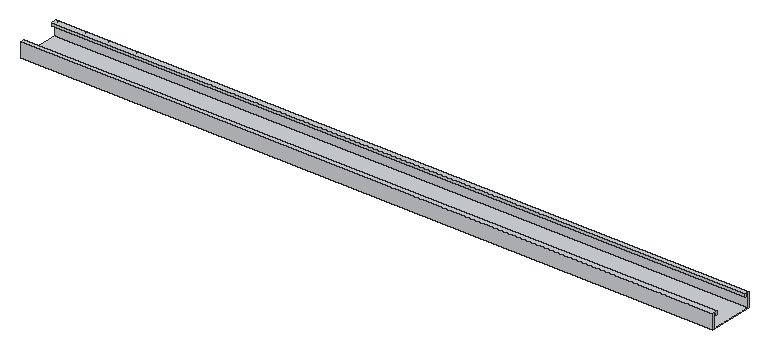
Revit family "TSN StiffWall Column", category Structural Framing, Revit 2026
Family settings
  Section Shape = Not Defined
  Material for Model Behavior = Other
  Always export as geometry = No
  Classification Number = 23.25.30.11.14.14
  Always vertical = Yes
  Cut with Voids When Loaded = No
  Symbolic Representation = From Family
  Shared = No
  Show family pre-cut in plan views = Yes
Parameters (values of type "800C/STW250-118mil, 50 ksi")
  d2 = 0' - 0 1/2"
  Version = "2.0"
  URL = "http://www.steelnetwork.com/product.aspx/StiffWall"
  T = 0' - 0.124"
  Stud_D = 1' - 0"
  Section_DB = 10
  Manufacturer = "The Steel Network, Inc."
  Length [instance] = 10' - 0"
  D = 0' - 7.67"
  d1 = 0' - 0.768"
  B = 0' - 2 1/2"
Types (34): name | T | D | d1 | B
  (no name) | 0' - 0 9/128" | 1' - 4" | 0' - 0 81/128" | 0' - 3"
  350C/STW200-33mil, 50 ksi | 0' - 0.0346" | 0' - 3.17" | 0' - 0.5892" | 0' - 2"
  350C/STW200-43mil, 50 ksi | 0' - 0.0451" | 0' - 3.17" | 0' - 0.6102" | 0' - 2"
  350C/STW200-54mil, 50 ksi | 0' - 0.0566" | 0' - 3.17" | 0' - 0.6332" | 0' - 2"
  350C/STW200-68mil, 50 ksi | 0' - 0.0713" | 0' - 3.17" | 0' - 0.6626" | 0' - 2"
  350C/STW200-97mil, 50 ksi | 0' - 0.1017" | 0' - 3.17" | 0' - 0.7234" | 0' - 2"
  350C/STW200-118mil, 50 ksi | 0' - 0.124" | 0' - 3.17" | 0' - 0.768" | 0' - 2"
  362C/STW200-33mil, 50 ksi | 0' - 0.0346" | 0' - 3.295" | 0' - 0.5892" | 0' - 2"
  362C/STW200-43mil, 50 ksi | 0' - 0.0451" | 0' - 3.295" | 0' - 0.6102" | 0' - 2"
  362C/STW200-54mil, 50 ksi | 0' - 0.0566" | 0' - 3.295" | 0' - 0.6332" | 0' - 2"
  362C/STW200-68mil, 50 ksi | 0' - 0.0713" | 0' - 3.295" | 0' - 0.6626" | 0' - 2"
  362C/STW200-97mil, 50 ksi | 0' - 0.1017" | 0' - 3.295" | 0' - 0.7234" | 0' - 2"
  362C/STW200-118mil, 50 ksi | 0' - 0.124" | 0' - 3.295" | 0' - 0.768" | 0' - 2"
  400C/STW200-33mil, 50 ksi | 0' - 0.0346" | 0' - 3.67" | 0' - 0.5892" | 0' - 2"
  400C/STW200-43mil, 50 ksi | 0' - 0.0451" | 0' - 3.67" | 0' - 0.6102" | 0' - 2"
  400C/STW200-54mil, 50 ksi | 0' - 0.0566" | 0' - 3.67" | 0' - 0.6332" | 0' - 2"
  400C/STW200-68mil, 50 ksi | 0' - 0.0713" | 0' - 3.67" | 0' - 0.6626" | 0' - 2"
  400C/STW200-97mil, 50 ksi | 0' - 0.1017" | 0' - 3.67" | 0' - 0.7234" | 0' - 2"
  400C/STW200-118mil, 50 ksi | 0' - 0.124" | 0' - 3.67" | 0' - 0.768" | 0' - 2"
  550C/STW250-43mil, 50 ksi | 0' - 0.0451" | 0' - 5.17" | 0' - 0.6102" | 0' - 2 1/2"
  550C/STW250-54mil, 50 ksi | 0' - 0.0566" | 0' - 5.17" | 0' - 0.6332" | 0' - 2 1/2"
  550C/STW250-68mil, 50 ksi | 0' - 0.0713" | 0' - 5.17" | 0' - 0.6626" | 0' - 2 1/2"
  550C/STW250-97mil, 50 ksi | 0' - 0.1017" | 0' - 5.17" | 0' - 0.7234" | 0' - 2 1/2"
  550C/STW250-118mil, 50 ksi | 0' - 0.124" | 0' - 5.17" | 0' - 0.768" | 0' - 2 1/2"
  600C/STW250-43mil, 50 ksi | 0' - 0.0451" | 0' - 5.67" | 0' - 0.6102" | 0' - 2 1/2"
  600C/STW250-54mil, 50 ksi | 0' - 0.0566" | 0' - 5.67" | 0' - 0.6332" | 0' - 2 1/2"
  600C/STW250-68mil, 50 ksi | 0' - 0.0713" | 0' - 5.67" | 0' - 0.6626" | 0' - 2 1/2"
  600C/STW250-97mil, 50 ksi | 0' - 0.1017" | 0' - 5.67" | 0' - 0.7234" | 0' - 2 1/2"
  600C/STW250-118mil, 50 ksi | 0' - 0.124" | 0' - 5.67" | 0' - 0.768" | 0' - 2 1/2"
  800C/STW250-43mil, 50 ksi | 0' - 0.0451" | 0' - 7.67" | 0' - 0.6102" | 0' - 2 1/2"
  800C/STW250-54mil, 50 ksi | 0' - 0.0566" | 0' - 7.67" | 0' - 0.6332" | 0' - 2 1/2"
  800C/STW250-68mil, 50 ksi | 0' - 0.0713" | 0' - 7.67" | 0' - 0.6626" | 0' - 2 1/2"
  800C/STW250-97mil, 50 ksi | 0' - 0.1017" | 0' - 7.67" | 0' - 0.7234" | 0' - 2 1/2"
  800C/STW250-118mil, 50 ksi | 0' - 0.124" | 0' - 7.67" | 0' - 0.768" | 0' - 2 1/2"
Reference planes (in)
  plane 1 "Center (Front/Back)": y = 0
  plane 2 "Center El.": z = 0
  plane 3 "Center (Left/Right)": x = 0
  plane 4 "Left": x = -60
  plane 5 "Right": x = 60
  plane 6: z = 0
  plane 7: z = 2.5
  plane 8: y = -3.835
  plane 9: y = 3.835
  plane 10: y = -3.067
  plane 11: y = 3.067
Forms (in)
  Extrusion 1, solid
    sketch origin (60, 0, 0) x (0, -1, 0) y (0, 0, 1)
      loop
        line (3.835, 2.5) -> (3.067, 2.5) -> (3.067, 2) -> (3.191, 2) -> (3.191, 2.376) -> (3.711, 2.376) -> (3.711, 0.124) -> (-3.711, 0.124) -> (-3.711, 2.376) -> (-3.191, 2.376) -> (-3.191, 2) -> (-3.067, 2) -> (-3.067, 2.5) -> (-3.835, 2.5) -> (-3.835, 0) -> (3.835, 0) -> (3.835, 2.5)
    from 0 to 120
Lines and regions (in)
  model lines, style "Stick Symbols", detail levels coarse
    curve 1: line (-60, 0, 0) -> (60, 0, 0)
Dimensions and locks (in)
  equal spacing: plane 4 "Left", plane 3 "Center (Left/Right)", plane 5 "Right"
  "Length": plane 4 "Left" to plane 5 "Right"
  equal spacing: plane 8, plane 1 "Center (Front/Back)", plane 9
  "D": plane 8 to plane 9
  "B": plane 7 to plane 6
  "T": Extrusion 1 to plane 6
  "T": plane 8 to Extrusion 1
  "T": Extrusion 1 to plane 9
  "d1": plane 8 to plane 10
  "d1": plane 11 to plane 9
  "T": Extrusion 1 to Extrusion 1  (x4)
  "d2": Extrusion 1 to Extrusion 1  (x2)
  aligned and locked: plane 1 "Center (Front/Back)" to curve 1
  aligned and locked: Extrusion 1 to plane 6
  aligned and locked: plane 9 to Extrusion 1
  aligned and locked: Extrusion 1 to plane 8
  aligned and locked: Extrusion 1 to plane 5 "Right"
  aligned and locked: plane 4 "Left" to Extrusion 1
  aligned: plane 10 to Extrusion 1
  aligned: plane 11 to Extrusion 1
  aligned and locked: plane 10 to Extrusion 1
  aligned and locked: plane 11 to Extrusion 1
Automatic sketch dimensions
  curve 1 to plane 4 "Left" = 0' - 0"
  curve 1 to plane 5 "Right" = 0' - 0"
  Extrusion 1 sketch curve to plane 7 = 0' - 0"  (x2)
  Extrusion 1 sketch curve to plane 9 = 0' - 0"
  Extrusion 1 sketch curve to plane 11 = 0' - 0"
  Extrusion 1 sketch curve to plane 10 = 0' - 0"
  Extrusion 1 sketch curve to plane 8 = 0' - 0"
  Extrusion 1 sketch curve to level = 0' - 0"
  Extrusion 1 sketch curve to plane 9 = 0' - 0.124"
  Extrusion 1 sketch curve to Extrusion 1 sketch curve = 0' - 0.124"
  Extrusion 1 sketch curve to plane 10 = 0' - 0.124"
  plane 8 to Extrusion 1 sketch curve = 0' - 0.124"
  level to Extrusion 1 sketch curve = 0' - 0.124"
  Extrusion 1 sketch curve to plane 7 = 0' - 0 1/2"  (x2)
  Extrusion 1 sketch curve to plane 7 = 0' - 0.124"  (x2)
